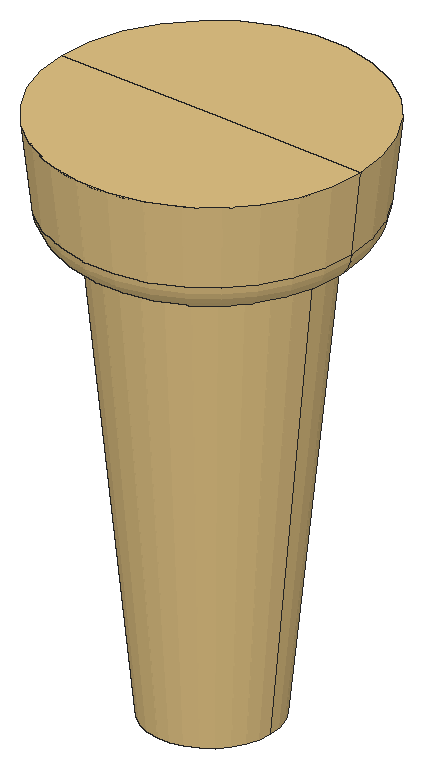
Revit family "STR_CONE DW15-M24_1901080", category Generic Models, Revit 2018
Family settings
  Can host rebar = No
  Round Connector Dimension = Use Diameter
  Part Type = Normal
  OmniClass Number = 35.51.14.00
  OmniClass Title = FORMWORK
  Work Plane-Based = Yes
  Always vertical = No
  Cut with Voids When Loaded = No
  Shared = Yes
  Room Calculation Point = No
Parameters
  VERSION = "20170217"  # constant formula
  URL = "www.ulmaconstruction.com/en"
  UNICLASS = ""
  Manufacturer = "ULMA CONSTRUCTION"  # constant formula
  ITEM_CODE = "1901080"
  FILTER [instance] = ""
  Default Elevation = 0.000 mm
  CLASSIFICATION_TITLE = ""
  CLASSIFICATION_NUMBER = ""
Reference planes
  plane 1 "Centro (Frontal/Posterior)": y = 0
  plane 2: z = 0
  plane 3 "Centro (Izquierda/Derecha)": x = 0
  plane 4 "TOP": z = -75
Forms (mm)
  Revolve 1, solid, material "ULMA BICHROMATE"
    sketch origin (0, 0, 0) x (1, 0, 0) y (0, 0, 1)
      loop
        line (0, 0) -> (-34.999, 0) -> (-32.95, -17.91)
        arc (-32.95, -17.91) -> (-30.4, -22.905) -> (-25.197, -25) r 8.002
        line (-25.197, -25) -> (-24, -25) -> (-14, -125) -> (0, -125) -> (0, 0)
      axis (0, 0) -> (0, -125)
    angle from 0 to 360
Lines and regions (mm)
  model lines, style "ULMA ANCHOR", detail levels fine
    curve 1: circle (0, 0, 0) r 12 normal (0, 0, 1)
    curve 2: circle (0, 0, -125) r 7.5 normal (0, 0, 1)
Dimensions and locks
  locked: plane 2 to plane 4 "TOP" at 75
  aligned and locked: level to plane 2
